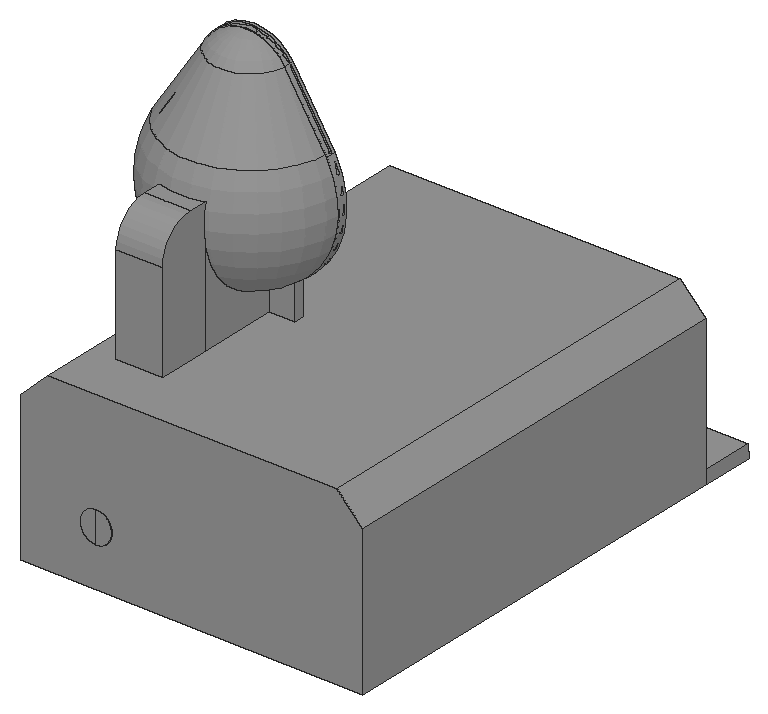
Revit family "Combination-Willoughby-ECF-2696-L-ON", category Plumbing Fixtures, Revit 2015
Parameters (values of type "Standard")
  Waste DIA = 2 3/8"
  Waste Connection = yes
  Vent Connection = no
  URL = "https://www.willoughby-ind.com/wp-content/uploads/2017/12/2696.pdf"
  Type Comments = ""
  Revision = "A"
  Model = "ECF-2696-L-ON"
  Manufacturer = "Willoughby Industries"
  Lav Waste DIA = 1 1/2"
  Lav Waste Connection = yes
  HW Connection = no
  Flush Inlet DIA = 1 1/2"
  Flush Inlet Connection = yes
  Fixture Body = Stainless Steel AISI 304-Willoughby
  Description = "2696 Combination Unit, Floor toilet waste outlet, Left hand toilet, Mounted on the floor"
  Default Elevation = 0' - 0"
  Contact = "(800) 428-4065"
  CW Connection = no
Reference planes (in)
  plane 1 "Center (Front/Back)/Base": y = 0
  plane 2: z = 0
  plane 3 "Center (Left/Right)": x = 0
  plane 4 "Unit Right": x = 13
  plane 5 "Unit Left": x = -13
  plane 6: z = 11.25
  plane 7: z = 13.25
  plane 8 "Front Face Right": x = 11
  plane 9 "Front Face Left": x = -11
  plane 10 "Top Of Unit": y = 36.5
  plane 11 "Top Of Sink": y = 32.5
  plane 12 "LAV C/L": x = -4
  plane 13 "Top Of Seat": y = 15
  plane 14: y = 3
  plane 15: x = 7.25
  plane 16: y = 11.5
  plane 17: y = 20.5
  plane 18: y = 24.25
  plane 19: x = -13
  plane 20: x = 13
  plane 21: x = -11
  plane 22: x = 11
  plane 23: y = 36.5
  plane 24 "LAV": y = 32.5
  plane 25: x = 4
  plane 26 "Seat": y = 15
  plane 27: y = 3
  plane 28: x = -7.25
  plane 29: y = 11.5
  plane 30 "Flush Inlet HGT": y = 20.5
  plane 31 "Lav Waste HGT": y = 24.25
  plane 32: z = 4.25
  plane 33: z = 25.36723
  plane 34: z = 30.24223
  plane 35: x = -4.27016
  plane 36: x = -10.27016
  plane 37: y = 35.13139
Forms (in)
  Extrusion 1, solid, material "Stainless Steel AISI 304-Willoughby" <- "Fixture Body"
    sketch origin (0, 0, 0) x (1, 0, 0) y (0, 0, 1)
      loop
        line (13, 0) -> (13, 1) -> (-13, 1) -> (-13, 0) -> (13, 0)
    from -32.5 to -36.5
  Extrusion 2, solid, material "Stainless Steel AISI 304-Willoughby" <- "Fixture Body"
    sketch origin (0, 0, 0) x (-1, 0, 0) y (0, 0, -1)
      loop
        line (13, 0) -> (-13, 0) -> (-13, -11.25) -> (-11, -13.25) -> (10.952, -13.25) -> (13, -11.202) -> (13, 0)
    from 0 to -32.5
  Revolve 3, void
    sketch origin (0, 32.5, -24) x (0, 0, -1) y (1, 0, 0)
      loop
        spline (-26.375, 4) -> (-26.53685, 5.81173) -> (-27.01138, 7.5) -> (-27.76624, 8.94975) -> (-28.75, 10.06218) -> (-29.89561, 10.76148) -> (-31.125, 11) -> (-32.35439, 10.76148) -> (-33.5, 10.06218) -> (-34.48376, 8.94975) -> (-35.23862, 7.5) -> (-35.71315, 5.81173) -> (-35.875, 4)
        line (-35.875, 4) -> (-26.375, 4)
      axis (-35.875, 4) -> (-26.375, 4)
    angle from 0 to 180
  Revolve 4, solid, material "Stainless Steel AISI 304-Willoughby" <- "Fixture Body"
    sketch origin (0, 20.5, -24) x (0, 0, -1) y (1, 0, 0)
      loop
        line (-23.99306, -7.25) -> (-23.99306, -6.5) -> (-25, -6.5) -> (-25, -7.25) -> (-23.99306, -7.25)
      axis (-23.99306, -7.25) -> (-25, -7.25)
    angle from 0 to 360
  Revolve 5, solid, material "Stainless Steel AISI 304-Willoughby" <- "Fixture Body"
    sketch origin (0, 24.25, -24) x (0, 0, -1) y (1, 0, 0)
      loop
        line (-20.99306, 4) -> (-20.99306, 4.75) -> (-24.99306, 4.75) -> (-24.99306, 4) -> (-20.99306, 4)
      axis (-20.99306, 4) -> (-24.99306, 4)
    angle from 0 to 360
  Revolve 6, solid, material "Stainless Steel AISI 304-Willoughby" <- "Fixture Body"
    sketch origin (-7.25, 0, -24) x (0, 0, -1) y (0, 1, 0)
      loop
        line (-28.25, -0.00255) -> (-28.25, 2) -> (-29.4375, 2) -> (-29.4375, -0.00255) -> (-28.25, -0.00255)
      axis (-28.25, -0.00255) -> (-28.25, 2)
    angle from 0 to 360
  Revolve 7, solid, material "Stainless Steel AISI 304-Willoughby" <- "Fixture Body"
    sketch origin (-7.27016, 14.75, 9.10848) x (0, 0, -1) y (-1, 0, 0)
      loop
        arc (-16.25875, -6.02566) -> (-9.22764, -6.08019) -> (-5.69625, 0) r 7
        line (-5.69625, 0) -> (-6.19625, 0)
        arc (-6.19625, 0) -> (-9.4731, -5.64458) -> (-15.99973, -5.59794) r 6.5
        line (-15.99973, -5.59794) -> (-20.8721, -2.57392)
        arc (-20.8721, -2.57392) -> (-21.91777, -1.47245) -> (-22.28998, 0) r 3
        line (-22.28998, 0) -> (-22.79, 0)
        arc (-22.79, 0) -> (-22.35472, -1.71553) -> (-21.13577, -2.99875) r 3.5
        line (-21.13577, -2.99875) -> (-16.25875, -6.02566)
      axis (-22.79, 0) -> (-5.69625, 0)
    angle from 0 to 180
  Extrusion 8, solid, material "Stainless Steel AISI 304-Willoughby" <- "Fixture Body"
    sketch origin (-7.27016, 14.75, 8.89339) x (0, 0, -1) y (-1, 0, 0)
      loop
        arc (-16.31246, -6.11221) -> (-11.15584, -6.77641) -> (-6.96698, -3.69657) r 6.99024
        line (-6.96698, -3.69657) -> (-4.33514, -3.69657) -> (-4.33514, 3.65625) -> (-6.9421, 3.65625)
        arc (-6.9421, 3.65625) -> (-11.2049, 6.78845) -> (-16.44046, 6.03277) r 6.98205
        line (-16.44046, 6.03277) -> (-21.4104, 2.94819)
        arc (-21.4104, 2.94819) -> (-23.00527, 0) -> (-21.4104, -2.94819) r 3.52237
        line (-21.4104, -2.94819) -> (-16.31246, -6.11221)
      loop
        line (-20.34476, -1.63051) -> (-15.05004, -3.88749)
        arc (-15.05004, -3.88749) -> (-8.1517, 0) -> (-15.05004, 3.88749) r 4.54455
        line (-15.05004, 3.88749) -> (-20.34476, 1.63051)
        arc (-20.34476, 1.63051) -> (-21.22494, 0) -> (-20.34476, -1.63051) r 1.95034
    from 0.25 to -0.5
  Extrusion 9, solid, material "Stainless Steel AISI 304-Willoughby" <- "Fixture Body"
    sketch origin (-7.27016, 15, 14.30473) x (0, 1, 0) y (0, 0, 1)
      loop
        line (-6.77192, 9.05193) -> (-8.17415, 9.05193)
        arc (-8.17415, 9.05193) -> (-10.09199, 8.25753) -> (-10.88639, 6.33969) r 2.71224
        line (-10.88639, 6.33969) -> (-10.88639, -1.0762) -> (-6.77192, -1.0762) -> (-6.77192, 9.05193)
    from 1.75 to -1.75
  Extrusion 10, solid, material "Stainless Steel AISI 304-Willoughby" <- "Fixture Body"
    sketch origin (-7.27016, 15, 14.30473) x (0, 1, 0) y (0, 0, 1)
      loop
        line (-6.77192, -1.0762) -> (-0.75, -1.0762) -> (-0.75, 0.82799)
        arc (-0.75, 0.82799) -> (-4.5139, 2.48885) -> (-6.77192, 5.92785) r 7.26374
        line (-6.77192, 5.92785) -> (-6.77192, -1.0762)
    from 1.75 to -1.75
Cuts and joins
  Revolve 3 cuts Extrusion 2
Lines and regions (in)
  symbolic lines
    curve 1: line (-13, 0, 0) -> (13, 0, 0)
    curve 2: line (13, 0, 0) -> (13, 0, 11.25)
    curve 3: line (13, 0, 11.25) -> (11, 0, 13.25)
    curve 4: line (11, 0, 13.25) -> (-10.952, 0, 13.25)
    curve 5: line (-10.952, 0, 13.25) -> (-13, 0, 11.202)
    curve 6: line (-13, 0, 11.202) -> (-13, 0, 0)
    curve 8: line (-3.57359, 0, 13.25) -> (-3.57359, 0, 15.86037)
    curve 9: arc (-3.57359, 0, 15.86037) -> (-0.47122, 0, 20.13905) -> (-1.2445, 0, 25.36723) r 7
    curve 10: line (-1.2445, 0, 25.36723) -> (-4.27141, 0, 30.24425)
    curve 11: arc (-4.27141, 0, 30.24425) -> (-7.27016, 0, 31.91245) -> (-10.26891, 0, 30.24425) r 3.52937
    curve 12: line (-10.26891, 0, 30.24425) -> (-13.22399, 0, 25.46471)
    curve 13: arc (-13.22399, 0, 25.46471) -> (-14.07711, 0, 20.17129) -> (-10.92641, 0, 15.83296) r 6.9842
    curve 20: line (0, 0, 0) -> (0, 36.5, 0)
    curve 21: line (0, 36.5, 0) -> (0, 36.5, 1)
    curve 22: line (0, 36.5, 1) -> (0, 32.5, 1)
    curve 23: line (0, 32.5, 1) -> (0, 32.5, 13.25)
    curve 24: line (0, 32.5, 13.25) -> (0, 0, 13.25)
    curve 25: line (0, 0, 13.25) -> (0, 0, 0)
    curve 26: line (0, 4.11361, 13.25) -> (0, 4.11361, 20.64442)
    curve 27: line (0, 14.25, 13.25) -> (0, 14.25, 15.13272)
    curve 28: line (0, 15, 13.25) -> (0, 15, 31.89865)
    curve 29: line (0, 15, 31.89865) -> (0, 14.25, 31.89865)
    curve 30: arc (0, 14.25, 31.89865) -> (0, 12.75304, 31.30323) -> (0, 11.68153, 30.10019) r 3.49906
    curve 31: line (0, 11.68153, 30.10019) -> (0, 8.72434, 25.36723)
    curve 32: arc (0, 8.72434, 25.36723) -> (0, 8.23145, 24.40043) -> (0, 7.91335, 23.36291) r 6.24546
    curve 33: line (0, 8.16036, 23.36291) -> (0, 6.91036, 23.36291)
    curve 34: arc (0, 6.82585, 23.35666) -> (0, 4.90801, 22.56226) -> (0, 4.11361, 20.64442) r 2.71224
    curve 35: arc (0, 8.16036, 23.36291) -> (0, 9.29749, 17.83629) -> (0, 14.25, 15.13272) r 6.70777
    curve 36: line (13, 0, 0) -> (-13, 0, 0)
    curve 37: line (-13, 0, 0) -> (-13, 36.5, 0)
    curve 38: line (-13, 36.5, 0) -> (13, 36.5, 0)
    curve 39: line (13, 36.5, 0) -> (13, 0, 0)
    curve 40: line (13, 32.5, 0) -> (-13, 32.5, 0)
    curve 41: line (-14.2674, 14.25, 0) -> (-14.2674, 15, 0)
    curve 42: line (-14.2674, 15, 0) -> (-0.2674, 15, 0)
    curve 43: line (-0.2674, 15, 0) -> (-0.2674, 14.25, 0)
    curve 44: arc (-0.2674, 14.25, 0) -> (-2.49685, 9.64114, 0) -> (-7.25, 7.73862, 0) r 7.08345
    curve 45: arc (-7.25, 7.73862, 0) -> (-12.05715, 9.59495, 0) -> (-14.2674, 14.25, 0) r 6.95521
    curve 46: line (-5.52016, 7.97271, 0) -> (-5.52016, 4.11361, 0)
    curve 47: line (-5.52016, 4.11361, 0) -> (-9.02016, 4.11361, 0)
    curve 48: line (-9.02016, 4.11361, 0) -> (-9.02016, 7.94761, 0)
    curve 49: line (-10.92641, 0, 15.83296) -> (-10.92641, 0, 13.25)
  symbolic lines, detail levels medium+fine
    curve 7: line (-13, 0, 1) -> (13, 0, 1)
  symbolic lines, detail levels fine
    curve 14: spline (4, 0, 2.375) -> (5.81173, 0, 2.53685) -> (7.5, 0, 3.01138) -> (8.94975, 0, 3.76624) -> (10.06218, 0, 4.75) -> (10.76148, 0, 5.89561) -> (11, 0, 7.125) -> (10.76148, 0, 8.35439) -> (10.06218, 0, 9.5) -> (8.94975, 0, 10.48376) -> (7.5, 0, 11.23862) -> (5.81173, 0, 11.71315) -> (4, 0, 11.875)
    curve 15: spline (4, 0, 11.875) -> (2.18827, 0, 11.71315) -> (0.5, 0, 11.23862) -> (-0.94975, 0, 10.48376) -> (-2.06218, 0, 9.5) -> (-2.76148, 0, 8.35439) -> (-3, 0, 7.125) -> (-2.76148, 0, 5.89561) -> (-2.06218, 0, 4.75) -> (-0.94975, 0, 3.76624) -> (0.5, 0, 3.01138) -> (2.18827, 0, 2.53685) -> (4, 0, 2.375)
    curve 16: line (-5.63965, 0, 29.23815) -> (-3.38267, 0, 23.94343)
    curve 17: arc (-3.38267, 0, 23.94343) -> (-7.27016, 0, 17.04508) -> (-11.15765, 0, 23.94343) r 4.54455
    curve 18: line (-11.15765, 0, 23.94343) -> (-8.90067, 0, 29.23815)
    curve 19: arc (-8.90067, 0, 29.23815) -> (-7.27016, 0, 30.11832) -> (-5.63965, 0, 29.23815) r 1.95034
Dimensions and locks (in)
  equal spacing: plane 4 "Unit Right", plane 3 "Center (Left/Right)", plane 5 "Unit Left"
  plane 4 "Unit Right" to plane 5 "Unit Left" = 2' - 2"
  locked: plane 5 "Unit Left" to plane 4 "Unit Right" at 26
  locked: plane 1 "Center (Front/Back)/Base" to plane 13 "Top Of Seat" at 15
  locked: plane 1 "Center (Front/Back)/Base" to plane 11 "Top Of Sink" at 32.5
  locked: plane 1 "Center (Front/Back)/Base" to plane 10 "Top Of Unit" at 36.5
  plane 13 "Top Of Seat" to plane 1 "Center (Front/Back)/Base" = 1' - 3"
  plane 7 to level = 1' - 1 1/4"
  plane 10 "Top Of Unit" to plane 11 "Top Of Sink" = 0' - 4"
  plane 11 "Top Of Sink" to plane 1 "Center (Front/Back)/Base" = 2' - 8 1/2"
  locked: plane 1 "Center (Front/Back)/Base" to plane 16 at 11.5
  locked: plane 1 "Center (Front/Back)/Base" to plane 17 at 20.5
  locked: plane 1 "Center (Front/Back)/Base" to plane 18 at 24.25
  plane 5 "Unit Left" to plane 3 "Center (Left/Right)" to plane 4 "Unit Right" = 1' - 1", 1' - 1"
  equal spacing: plane 19, plane 3 "Center (Left/Right)", plane 20
  locked: plane 20 to plane 19 at 26
  locked: plane 26 "Seat" to plane 1 "Center (Front/Back)/Base" at 15
  locked: plane 28 to plane 19 at 5.75
  plane 28 to plane 19 = 0' - 5 3/4"
  locked: plane 20 to plane 25 at 9
  plane 20 to plane 3 "Center (Left/Right)" to plane 19 = 1' - 1", 1' - 1"
  plane 35 to plane 36 = 0' - 6"
  aligned and locked: plane 4 "Unit Right" to Extrusion 1
  aligned and locked: Extrusion 1 to level
  aligned and locked: Extrusion 1 to plane 5 "Unit Left"
  aligned and locked: plane 10 "Top Of Unit" to Extrusion 1
  aligned and locked: Extrusion 1 to plane 11 "Top Of Sink"
  aligned and locked: plane 20 to Extrusion 2
  aligned and locked: Extrusion 2 to plane 19
  aligned and locked: Extrusion 2 to plane 1 "Center (Front/Back)/Base"
  aligned and locked: Extrusion 2 to plane 24 "LAV"
  aligned and locked: plane 25 to Revolve 3 sketch curve
  aligned and locked: Revolve 5 sketch curve to Revolve 5 sketch curve  (x2)
Automatic sketch dimensions
  Extrusion 1 sketch curve to level = 0' - 0"
  Extrusion 1 sketch curve to plane 5 "Unit Left" = 0' - 0"
  Extrusion 1 sketch curve to plane 4 "Unit Right" = 0' - 0"
  level to Extrusion 1 sketch curve = 0' - 1"
  Extrusion 2 sketch curve to level = 0' - 0"
  Extrusion 2 sketch curve to plane 4 "Unit Right" = 0' - 0"
  Extrusion 2 sketch curve to plane 7 = 0' - 0"
  Extrusion 2 sketch curve to plane 8 "Front Face Right" = 0' - 0"
  Extrusion 2 sketch curve to plane 5 "Unit Left" = 0' - 0"
  Extrusion 2 sketch curve to plane 6 = 0' - 0"
  Extrusion 2 sketch curve to plane 9 "Front Face Left" = 0' - 0.048"
  plane 6 to Extrusion 2 sketch curve = 0' - 0.048"
  plane 25 to Revolve 3 sketch curve = 0' - 0"
  Revolve 3 sketch curve to plane 6 = 0' - 0 5/8"
  Revolve 3 sketch curve to plane 32 = 0' - 1 7/8"
  Revolve 3 sketch curve to Revolve 3 sketch curve = 0' - 0"  (x2)
  Revolve 3 sketch curve to plane 12 "LAV C/L" = 0' - 1"
  plane 28 to Revolve 4 sketch curve = 0' - 0"  (x2)
  Revolve 4 sketch curve to level = 0' - 1"
  plane 28 to Revolve 4 sketch curve = 0' - 0 3/4"
  level to Revolve 4 sketch curve = 0' - 0.00694"
  Revolve 4 sketch curve to Revolve 4 sketch curve = 0' - 0"
  Revolve 4 sketch curve to Revolve 4 sketch curve = 0' - 2.99306"
  plane 25 to Revolve 5 sketch curve = 0' - 0"
  Revolve 5 sketch curve to level = 0' - 0.99306"
  plane 25 to Revolve 5 sketch curve = 0' - 0 3/4"
  level to Revolve 5 sketch curve = 0' - 3.00694"
  Revolve 5 sketch curve to Revolve 5 sketch curve = 0' - 2.99306"
  plane 32 to Revolve 6 sketch curve = 0' - 0"  (x2)
  Revolve 6 sketch curve to Revolve 6 sketch curve = 0' - 1 3/16"
  Revolve 6 sketch curve to plane 1 "Center (Front/Back)/Base" = 0' - 0.00255"
  plane 14 to Revolve 6 sketch curve = 0' - 1"
  Revolve 6 sketch curve to plane 1 "Center (Front/Back)/Base" = 0' - 1"
  Revolve 6 sketch curve to Revolve 6 sketch curve = 0' - 0"
  Revolve 7 sketch curve to Revolve 7 sketch curve = 0' - 0"  (x6)
  Revolve 7 sketch curve to plane 3 "Center (Left/Right)" = 0' - 7.27016"  (x3)
  Revolve 7 sketch curve to plane 33 = 0' - 0"
  Revolve 7 sketch curve to plane 3 "Center (Left/Right)" = 0' - 7.24521"
  Revolve 7 sketch curve to plane 34 = 0' - 1.84366"
  Revolve 7 sketch curve to plane 34 = 0' - 0.26165"
  plane 34 to Revolve 7 sketch curve = 0' - 0.00202"
  plane 34 to Revolve 7 sketch curve = 0' - 1 5/32"
  Revolve 7 sketch curve to Revolve 7 sketch curve = 0' - 0 1/2"  (x2)
  Revolve 7 sketch curve to plane 33 = 0' - 0.25901"
  Revolve 7 sketch curve to plane 33 = 0' - 3 9/16"
  Revolve 7 sketch curve to Revolve 7 sketch curve = 0' - 6 1/2"
  Extrusion 8 sketch curve to plane 3 "Center (Left/Right)" = 0' - 7.27016"  (x3)
  plane 25 to Extrusion 8 sketch curve = 0' - 8.32197"
  plane 7 to Extrusion 8 sketch curve = 1' - 5.05379"
  Extrusion 8 sketch curve to plane 12 "LAV C/L" = 0' - 6.21835"
  Extrusion 8 sketch curve to plane 3 "Center (Left/Right)" = 0' - 5.63965"
  Extrusion 8 sketch curve to Extrusion 8 sketch curve = 0' - 1.06564"
  Extrusion 8 sketch curve to plane 3 "Center (Left/Right)" = 0' - 8.90067"
  Extrusion 8 sketch curve to Extrusion 8 sketch curve = 0' - 0.86186"
  Extrusion 8 sketch curve to Extrusion 8 sketch curve = 0' - 0.2083"
  plane 28 to Extrusion 8 sketch curve = 0' - 6.05293"
  Extrusion 8 sketch curve to Extrusion 8 sketch curve = 0' - 4.96994"
  Extrusion 8 sketch curve to plane 15 = 0' - 8.40795"
  Extrusion 8 sketch curve to Extrusion 8 sketch curve = 0' - 5.09794"
  Extrusion 8 sketch curve to plane 12 "LAV C/L" = 0' - 7.15765"
  Extrusion 8 sketch curve to Extrusion 8 sketch curve = 0' - 1.39042"
  plane 25 to Extrusion 8 sketch curve = 0' - 7.38267"
  Extrusion 8 sketch curve to plane 3 "Center (Left/Right)" = 0' - 7.26155"
  Extrusion 8 sketch curve to Extrusion 8 sketch curve = 0' - 2.14484"
  Extrusion 8 sketch curve to Extrusion 8 sketch curve = 0' - 0.00561"
  Extrusion 8 sketch curve to Extrusion 8 sketch curve = 0' - 0.20334"
  plane 25 to Extrusion 8 sketch curve = 0' - 7.57359"
  Extrusion 8 sketch curve to plane 12 "LAV C/L" = 0' - 6.92641"
  Extrusion 8 sketch curve to Extrusion 8 sketch curve = 0' - 5.75415"
  Extrusion 8 sketch curve to Extrusion 8 sketch curve = 0' - 2.60696"
  Extrusion 9 sketch curve to plane 18 = 1' - 8.13639"
  Extrusion 9 sketch curve to Extrusion 9 sketch curve = 0' - 2.71224"
  Extrusion 9 sketch curve to plane 11 "Top Of Sink" = 2' - 0.27192"
  Extrusion 9 sketch curve to plane 7 = 0' - 0.02147"
  Extrusion 9 sketch curve to Extrusion 9 sketch curve = 0' - 7.41589"
  Extrusion 10 sketch curve to plane 37 = 1' - 8.88139"
  Extrusion 10 sketch curve to plane 11 "Top Of Sink" = 2' - 0.27192"
  Extrusion 10 sketch curve to plane 10 "Top Of Unit" = 1' - 9.31959"
  Extrusion 10 sketch curve to plane 7 = 0' - 0.02147"
  Extrusion 10 sketch curve to Extrusion 10 sketch curve = 0' - 1.90419"
  Extrusion 10 sketch curve to Extrusion 10 sketch curve = 0' - 7.00405"
  curve 20 to level = 0' - 0"
  curve 20 to plane 1 "Center (Front/Back)/Base" = 0' - 0"
  curve 26 to plane 7 = 0' - 0"
  curve 28 to plane 13 "Top Of Seat" = 0' - 0"
  curve 23 to plane 11 "Top Of Sink" = 0' - 0"
  curve 21 to plane 10 "Top Of Unit" = 0' - 0"
  plane 14 to curve 26 = 0' - 1.11361"
  curve 26 to curve 34 = 0' - 2.71224"
  curve 34 to curve 31 = 0' - 1.89849"
  plane 16 to curve 31 = 0' - 0.18153"
  curve 32 to plane 13 "Top Of Seat" = 0' - 0.97906"
  curve 29 to plane 13 "Top Of Seat" = 0' - 0 3/4"
  curve 35 to plane 13 "Top Of Seat" = 0' - 0.3103"
  curve 30 to plane 13 "Top Of Seat" = 0' - 0.23998"
  level to curve 22 = 0' - 1"
  curve 34 to curve 35 = 0' - 1.18164"
  curve 35 to curve 32 = 0' - 0.23182"
  curve 34 to curve 31 = 0' - 2.01057"
  curve 32 to curve 30 = 0' - 6.37908"
  curve 30 to curve 31 = 0' - 1.66323"
  curve 34 to curve 33 = 0' - 0.08451"
  curve 33 to curve 32 = 0' - 1.00298"
  curve 32 to curve 33 = 0' - 0.24702"
  curve 27 to plane 13 "Top Of Seat" = 0' - 0 3/4"
  curve 27 to curve 27 = 0' - 1.88272"
  curve 41 to plane 13 "Top Of Seat" = 0' - 0"
  curve 37 to plane 5 "Unit Left" = 0' - 0"
  curve 45 to plane 28 = 0' - 0"
  curve 44 to plane 28 = 0' - 0"
  plane 1 "Center (Front/Back)/Base" to curve 39 = 0' - 0"
  curve 39 to plane 4 "Unit Right" = 0' - 0"
  curve 40 to plane 11 "Top Of Sink" = 0' - 0"
  curve 38 to plane 10 "Top Of Unit" = 0' - 0"
  curve 41 to plane 13 "Top Of Seat" = 0' - 0 3/4"
  curve 41 to plane 5 "Unit Left" = 0' - 1.2674"
  plane 28 to curve 44 = 0' - 0.07774"
  plane 28 to curve 45 = 0' - 0.07634"
  curve 47 to plane 12 "LAV C/L" = 0' - 1.52016"
  curve 43 to plane 3 "Center (Left/Right)" = 0' - 0.2674"
  plane 14 to curve 47 = 0' - 1.11361"
  curve 43 to curve 42 = 0' - 0 3/4"
  curve 45 to curve 48 = 0' - 0.20898"
  curve 5 to plane 5 "Unit Left" = 0' - 0"
  curve 5 to plane 7 = 0' - 0"
  plane 25 to curve 15 = 0' - 0"
  curve 4 to plane 8 "Front Face Right" = 0' - 0"
  curve 2 to plane 4 "Unit Right" = 0' - 0"
  curve 1 to level = 0' - 0"
  curve 2 to plane 6 = 0' - 0"
  curve 12 to plane 5 "Unit Left" = 0' - 0.22399"
  curve 18 to plane 9 "Front Face Left" = 0' - 0.15765"
  plane 9 "Front Face Left" to curve 5 = 0' - 0.048"
  plane 9 "Front Face Left" to curve 12 = 0' - 0.73109"
  plane 28 to curve 18 = 0' - 1.65067"
  plane 28 to curve 13 = 0' - 0.03353"
  plane 28 to curve 19 = 0' - 0.02016"
  plane 28 to curve 11 = 0' - 0.02016"
  plane 28 to curve 17 = 0' - 0.02016"
  curve 13 to curve 9 = 0' - 0.01337"
  curve 16 to plane 28 = 0' - 1.61035"
  curve 10 to plane 12 "LAV C/L" = 0' - 0.27141"
  plane 12 "LAV C/L" to curve 8 = 0' - 0.42641"
  plane 12 "LAV C/L" to curve 16 = 0' - 0.61733"
  curve 10 to plane 3 "Center (Left/Right)" = 0' - 1.2445"
  curve 6 to plane 6 = 0' - 0.048"
  curve 8 to curve 8 = 0' - 2.61037"
  curve 8 to curve 17 = 0' - 5.72926"
  curve 17 to curve 13 = 0' - 0.20222"
  curve 13 to curve 9 = 0' - 0.01288"
  curve 16 to curve 10 = 0' - 1.4238"
  curve 17 to curve 12 = 0' - 1.52128"
  curve 17 to curve 19 = 0' - 4.22456"
  curve 19 to curve 11 = 0' - 0.21509"
  curve 11 to curve 18 = 0' - 0.85507"
  curve 19 to curve 10 = 0' - 1.0061"
  plane 9 "Front Face Left" to curve 49 = 0' - 0.07359"
  curve 1 to curve 7 = 0' - 1"
  plane 32 to curve 14 = 0' - 1 7/8"
  curve 14 to plane 32 = 0' - 2 7/8"
Connectors (in)
  piping at (4, 24.25, -3.00694), diameter 1.5, driven by "Lav Waste DIA", driven by "Lav Waste Connection"
    settings: on Revolve 5, index 4, connector inside diameter 24", connector length 0' - 0", flow factor 0, pipe flow 0 GPM, pressure drop 0.00 psi, fitting loss kfactor 0, connector angle 0.00°, fixture units 0, engagement length 0' - 0", angle of deflection 0.00°, flow configuration 0, flow direction 2, fitting loss method 0, system type 16, joint type 0, gender type 0, connector reference index -1, connector utility 1, adjustable connector no, is connector primary yes, connector description "Sink Waste"
  piping at (-7.25, 20.5, -0.00694), diameter 1.5, driven by "Flush Inlet DIA", driven by "Flush Inlet Connection"
    settings: on Revolve 4, index 5, connector inside diameter 24", connector length 0' - 0", flow factor 0, pipe flow 0 GPM, pressure drop 0.00 psi, fitting loss kfactor 0, connector angle 0.00°, fixture units 0, engagement length 0' - 0", angle of deflection 0.00°, flow configuration 0, flow direction 1, fitting loss method 0, system type 20, joint type 0, gender type 0, connector reference index -1, connector utility 1, adjustable connector no, is connector primary no, connector description "Flush Inlet"
  piping at (-7.25, -0.00255, 4.25), diameter 2.375, driven by "Waste Connection", driven by "Waste DIA"
    settings: on Revolve 6, index 6, connector inside diameter 24", connector length 0' - 0", flow factor 0, pipe flow 0 GPM, pressure drop 0.00 psi, fitting loss kfactor 0, connector angle 0.00°, fixture units 0, engagement length 0' - 0", angle of deflection 0.00°, flow configuration 0, flow direction 2, fitting loss method 0, system type 16, joint type 0, gender type 0, connector reference index -1, connector utility 1, adjustable connector no, is connector primary no, connector description "Toilet Waste"
